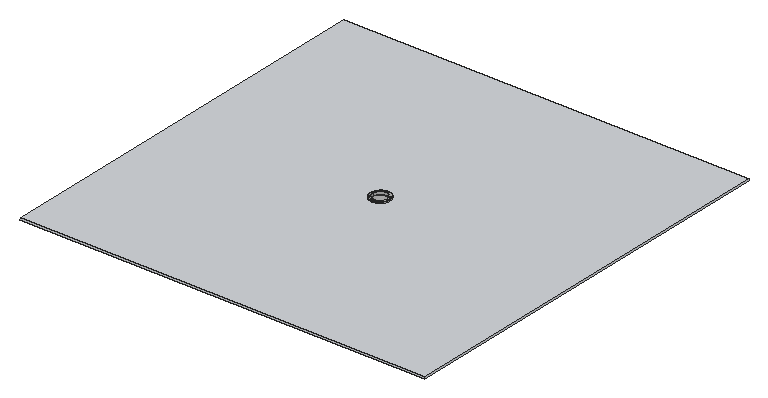
Revit family "LTR-3RD", category Lighting Fixtures, host Face, Revit 2021
Family settings
  Host = Face
  Round Connector Dimension = Use Diameter
  Part Type = Normal
  OmniClass Number = 23.80.70.11.14.11
  OmniClass Title = Downlights
  Cut with Voids When Loaded = No
  Light Source = Yes
  Shared = Yes
  Room Calculation Point = No
Parameters (values of type "Liteistry-3")
  Wattage Comments = "13.4, 17.8 & 22.2"  # constant formula
  Wattage = 22.2 W
  Warranty = "5Years limited warranty"
  built-in parameter 1150110 = 1 (stored number, unit not read)
  Voltage = 120 V
  URL = "https://www.currentlighting.com/prescolite"
  built-in parameter 1114217 = 1 (stored number, unit not read)
  Tilt Angle = -90.00°
  built-in parameter 1150109 = 1 (stored number, unit not read)
  built-in parameter 1150134 = 12
  built-in parameter 1150113 = 1 (stored number, unit not read)
  Product Page URL = ""
  Product Documentation Link = ""
  Power Factor = 1
  Photometric Web Link = ""
  Photometric Web File = "LTR-3RD-H-ML20L-DM1 LTR-3RD-T-ML35K8MDS.ies"
  Photometric Notes = "More IES files download on Photometric Web Link"  # constant formula
  Model = "LTR-3RD"  # constant formula
  Manufacturer = "Prescolite"  # constant formula
  built-in parameter 1150105 = 143.24 (stored number, unit not read)
  Lumens = 1799.98 lm
  built-in parameter 1150115 = 1 (stored number, unit not read)
  Load Classification = Lighting
  built-in parameter 1150137 = (empty or 0)
  built-in parameter 1150139 = (empty or 0)
  built-in parameter 1150112 = 1 (stored number, unit not read)
  built-in parameter 1150114 = 1 (stored number, unit not read)
  Lamp = "LED"  # constant formula
  built-in parameter 1150132 = (empty or 0)
  built-in parameter 1150102 = (empty or 0)
  built-in parameter 1150107 = 4000 (stored number, unit not read)
  built-in parameter 1150138 = (empty or 0)
  built-in parameter 1150106 = 1.4324 (stored number, unit not read)
  Glass = White Glass
  Features = "3inch architectural LED downlight delivering 600–2000 lm\r\n• Four beam distributions from 0.4 to 1.1 Spacing Criteria\r\n• Quiet reflector appearance with 50º optical cutoff\r\n• 2700K–5000K, 80+ and 90+ CRI options\r\n• Available for New Construction (non-IC), Remodel (non-IC), IC\r\nand Chicago Plenum applications\r\n• Variety of dimming protocol options including 0-10V, DALI, DMX,\r\nLutron Forward Phase and EcoSystem\r\n• NX Distributed Intelligence™ wired and wireless controls\r\ncapability available"  # constant formula
  Emit from Circle Diameter = 3.00"  # constant formula
  Emit Shape Visible in Rendering = no
  built-in parameter 1150104 = 7.5326 (stored number, unit not read)
  Dimming Lamp Color Temperature Shift = <None>
  Description = "3in LED Downlight"  # constant formula
  Default Elevation = 48.00"
  Create date = "07/15/2019"  # constant formula
  Contact us = ""
  Color Filter = 16777215
  built-in parameter 1114218 = 1 (stored number, unit not read)
  Hardware Finish = Steel
  built-in parameter 1150133 = 10 (stored number, unit not read)
  Assembly Code = "D5020200"
  Apparent Load = 0 VA
Reference planes (in)
  plane 1 "Center (Front/Back)": y = 0.03999
  plane 2: z = 0
  plane 3 "Center (Left/Right)": x = -8.24832
  plane 4: x = -13.24832
  plane 5: x = 1.12668
  plane 6: y = 5.91499
  plane 7: y = -5.83501
  plane 8: z = -0.125
  plane 9: z = -3
  plane 10: z = -3.125
  plane 11: z = 0.375
  plane 12: z = 0.4375
  plane 13: x = -10.87332
  plane 14: x = -10.24832
  plane 15: x = -10.17454
  plane 16: x = -6.42646
  plane 17: x = -2.9049
  plane 18: x = -0.9049
  plane 19: y = 2.57276
  plane 20: y = -2.49278
  plane 21: through (-11.23409, -180, 3.23335) normal (0.9773, 0, 0.2119)
  plane 22: through (-10.98801, -180, 3.28671) normal (0.9773, 0, 0.2119)
  plane 23: y = 1.91499
  plane 24: y = -1.83501
  plane 25: z = 0.5625
  plane 26: z = -4.8175
Forms (in)
  Extrusion 1, solid
    sketch origin (-7.24832, 0, -2.58562) x (1, 0, 0) y (0, 1, 0)
      loop
        line (-48, 48) -> (-48, -48) -> (48, -48) -> (48, 48) -> (-48, 48)
    from 2.96062 to 2.58562
  Extrusion 2, void
    sketch origin (0, 0, 0) x (1, 0, 0) y (0, 1, 0)
      loop
        circle (-8.24832, 0.03999) r 2.125
    from 0.4375 to -0.125
  Extrusion 3, solid, material "Steel" <- "Hardware Finish", detail levels medium+fine
    sketch origin (0, 0, 0) x (1, 0, 0) y (0, 1, 0)
      loop
        line (-13.24832, 5.91499) -> (-13.24832, -5.83501) -> (1.12668, -5.83501) -> (1.12668, 5.91499) -> (-13.24832, 5.91499)
    from 0 to -0.125
  Revolve 4, solid, material "Steel" <- "Hardware Finish", detail levels medium+fine
    sketch origin (0, 0.03999, 0) x (1, 0, 0) y (0, 0, 1)
      loop
        line (-10.24832, -0.125) -> (-10.50598, -0.125) -> (-10.07914, -2.09375) -> (-9.82149, -2.09375) -> (-10.24832, -0.125)
      axis (-8.24832, -0.125) -> (-8.24832, -2.09375)
    angle from 0 to 360
  Revolve 5, solid, material "Steel" <- "Hardware Finish"
    sketch origin (0, 0.03999, 0) x (1, 0, 0) y (0, 0, 1)
      loop
        line (-9.74832, -0.125) -> (-9.74832, 0.4375) -> (-10.62332, 0.4375) -> (-10.62332, 0.375) -> (-10.24832, 0.375) -> (-10.24832, -0.125) -> (-9.74832, -0.125)
      axis (-8.24832, 0.4375) -> (-8.24832, -0.125)
    angle from 0 to 360
  Revolve 6, void
    sketch origin (0, 0.03999, 0) x (1, 0, 0) y (0, 0, 1)
      loop
        line (-9.93582, 0.8125) -> (-9.93582, 0) -> (-10.03716, 0) -> (-10.03716, -0.125) -> (-9.93582, -0.125) -> (-9.93582, -0.72216) -> (-9.46139, -3) -> (-8.24832, -3) -> (-8.24832, 0.8125) -> (-9.93582, 0.8125)
      axis (-8.24832, 0.8125) -> (-8.24832, -3)
    angle from 0 to 360
  Extrusion 7, solid, material "Steel" <- "Hardware Finish", detail levels medium+fine
    sketch origin (0, 0, 0) x (1, 0, 0) y (0, 1, 0)
      loop
        line (-2.9049, 2.57276) -> (-2.9049, -2.49278) -> (-0.9049, -2.49278) -> (-0.9049, 2.57276) -> (-2.9049, 2.57276)
    from -3.125 to 0
  Revolve 8, solid, material "Steel" <- "Hardware Finish", detail levels medium+fine
    sketch origin (0, 0.03999, 0) x (1, 0, 0) y (0, 0, 1)
      loop
        line (-10.34966, 0) -> (-10.34966, -0.125) -> (-10.24832, -0.125) -> (-10.24832, 0) -> (-10.34966, 0)
      axis (-8.24832, 0) -> (-8.24832, -0.125)
    angle from 0 to 360
  Extrusion 9, solid, material "White Glass" <- "Glass"
    sketch origin (-16.83938, -180, -3.125) x (-1, 0, 0) y (0, -1, 0)
      loop
        circle (-8.59106, -180.03999) r 2
    from 3 to 3.125
  Extrusion 10, solid, material "Steel" <- "Hardware Finish"
    sketch origin (-16.83938, -180, -3.125) x (-1, 0, 0) y (0, -1, 0)
      loop
        arc (-8.70908, -181.77339) -> (-8.53597, -181.78005) -> (-8.36304, -181.76953) r 1.74754
        line (-8.36304, -181.76953) -> (-8.36304, -181.67723) -> (-8.49788, -181.67723) -> (-8.49788, -181.55918) -> (-8.59106, -181.55918) -> (-8.59106, -181.67723) -> (-8.70908, -181.67723) -> (-8.70908, -181.77339)
      loop
        arc (-9.17317, -181.68651) -> (-8.99815, -181.73827) -> (-8.81868, -181.77148) r 1.74639
        line (-8.81868, -181.77148) -> (-8.79431, -181.68053) -> (-8.9248, -181.64556) -> (-8.89425, -181.53153) -> (-8.98425, -181.50742) -> (-9.0148, -181.62145) -> (-9.14629, -181.58621) -> (-9.17317, -181.68651)
      loop
        arc (-9.67441, -181.40975) -> (-9.52553, -181.51533) -> (-9.36646, -181.6048) r 1.74639
        line (-9.36646, -181.6048) -> (-9.31398, -181.52662) -> (-9.42615, -181.45133) -> (-9.36036, -181.35331) -> (-9.43772, -181.30138) -> (-9.50351, -181.3994) -> (-9.61654, -181.32353) -> (-9.67441, -181.40975)
      loop
        arc (-9.99201, -181.08268) -> (-9.87554, -181.2232) -> (-9.74504, -181.35079) r 1.74639
        line (-9.74504, -181.35079) -> (-9.67411, -181.28885) -> (-9.76297, -181.1871) -> (-9.67405, -181.10945) -> (-9.73534, -181.03927) -> (-9.82426, -181.11692) -> (-9.9138, -181.01438) -> (-9.99201, -181.08268)
      loop
        arc (-10.24565, -180.59873) -> (-10.1783, -180.76836) -> (-10.09362, -180.93004) r 1.74639
        line (-10.09362, -180.93004) -> (-10.00702, -180.89305) -> (-10.06009, -180.76881) -> (-9.95153, -180.72244) -> (-9.98813, -180.63675) -> (-10.09669, -180.68313) -> (-10.15016, -180.55794) -> (-10.24565, -180.59873)
      loop
        arc (-10.33389, -180.15145) -> (-10.31274, -180.33273) -> (-10.27278, -180.51082) r 1.74639
        line (-10.27278, -180.51082) -> (-10.17956, -180.4975) -> (-10.19867, -180.36376) -> (-10.0818, -180.34707) -> (-10.09498, -180.25483) -> (-10.21184, -180.27153) -> (-10.23109, -180.13677) -> (-10.33389, -180.15145)
      loop
        line (-7.92357, -181.65379) -> (-7.95566, -181.55504) -> (-8.08512, -181.5971) -> (-8.1216, -181.48483) -> (-8.21021, -181.51362) -> (-8.17373, -181.62589) -> (-8.30222, -181.66764) -> (-8.27312, -181.7572)
        arc (-8.27312, -181.7572) -> (-8.09564, -181.71464) -> (-7.92357, -181.65379) r 1.74639
      loop
        line (-7.5077, -181.40975) -> (-7.56557, -181.32353) -> (-7.6786, -181.3994) -> (-7.74439, -181.30138) -> (-7.82176, -181.35331) -> (-7.75596, -181.45133) -> (-7.86813, -181.52662) -> (-7.81565, -181.6048)
        arc (-7.81565, -181.6048) -> (-7.65658, -181.51533) -> (-7.5077, -181.40975) r 1.74639
      loop
        line (-7.1901, -181.08268) -> (-7.26831, -181.01438) -> (-7.35785, -181.11692) -> (-7.44677, -181.03927) -> (-7.50806, -181.10945) -> (-7.41914, -181.1871) -> (-7.508, -181.28885) -> (-7.43707, -181.35079)
        arc (-7.43707, -181.35079) -> (-7.30657, -181.2232) -> (-7.1901, -181.08268) r 1.74639
      loop
        line (-6.93646, -180.59873) -> (-7.03195, -180.55794) -> (-7.08542, -180.68313) -> (-7.19398, -180.63675) -> (-7.23058, -180.72244) -> (-7.12202, -180.76881) -> (-7.17509, -180.89305) -> (-7.08849, -180.93004)
        arc (-7.08849, -180.93004) -> (-7.00381, -180.76836) -> (-6.93646, -180.59873) r 1.74639
      loop
        line (-6.84822, -180.15145) -> (-6.95102, -180.13677) -> (-6.97027, -180.27153) -> (-7.08713, -180.25483) -> (-7.10031, -180.34707) -> (-6.98344, -180.36376) -> (-7.00255, -180.4975) -> (-6.90933, -180.51082)
        arc (-6.90933, -180.51082) -> (-6.86937, -180.33273) -> (-6.84822, -180.15145) r 1.74639
      loop
        line (-8.70908, -178.30659) -> (-8.70908, -178.40275) -> (-8.59106, -178.40275) -> (-8.59106, -178.5208) -> (-8.49788, -178.5208) -> (-8.49788, -178.40275) -> (-8.36304, -178.40275) -> (-8.36304, -178.31045)
        arc (-8.36304, -178.31045) -> (-8.53597, -178.29993) -> (-8.70908, -178.30659) r 1.74754
      loop
        line (-9.17317, -178.39347) -> (-9.14629, -178.49377) -> (-9.0148, -178.45854) -> (-8.98425, -178.57257) -> (-8.89425, -178.54845) -> (-8.9248, -178.43442) -> (-8.79431, -178.39946) -> (-8.81868, -178.3085)
        arc (-8.81868, -178.3085) -> (-8.99815, -178.34171) -> (-9.17317, -178.39347) r 1.74639
      loop
        line (-9.67441, -178.67023) -> (-9.61654, -178.75645) -> (-9.50351, -178.68058) -> (-9.43772, -178.7786) -> (-9.36036, -178.72668) -> (-9.42615, -178.62866) -> (-9.31398, -178.55337) -> (-9.36646, -178.47518)
        arc (-9.36646, -178.47518) -> (-9.52553, -178.56465) -> (-9.67441, -178.67023) r 1.74639
      loop
        line (-9.99201, -178.9973) -> (-9.9138, -179.0656) -> (-9.82426, -178.96307) -> (-9.73534, -179.04072) -> (-9.67405, -178.97054) -> (-9.76297, -178.89288) -> (-9.67411, -178.79113) -> (-9.74504, -178.72919)
        arc (-9.74504, -178.72919) -> (-9.87554, -178.85678) -> (-9.99201, -178.9973) r 1.74639
      loop
        line (-10.24565, -179.48125) -> (-10.15016, -179.52204) -> (-10.09669, -179.39686) -> (-9.98813, -179.44323) -> (-9.95153, -179.35754) -> (-10.06009, -179.31117) -> (-10.00702, -179.18693) -> (-10.09362, -179.14994)
        arc (-10.09362, -179.14994) -> (-10.1783, -179.31162) -> (-10.24565, -179.48125) r 1.74639
      loop
        line (-10.33389, -179.92853) -> (-10.23109, -179.94321) -> (-10.21184, -179.80846) -> (-10.09498, -179.82515) -> (-10.0818, -179.73291) -> (-10.19867, -179.71622) -> (-10.17956, -179.58248) -> (-10.27278, -179.56916)
        arc (-10.27278, -179.56916) -> (-10.31274, -179.74725) -> (-10.33389, -179.92853) r 1.74639
      loop
        arc (-7.92357, -178.42619) -> (-8.09564, -178.36534) -> (-8.27312, -178.32278) r 1.74639
        line (-8.27312, -178.32278) -> (-8.30222, -178.41234) -> (-8.17373, -178.45409) -> (-8.21021, -178.56636) -> (-8.1216, -178.59516) -> (-8.08512, -178.48288) -> (-7.95566, -178.52495) -> (-7.92357, -178.42619)
      loop
        arc (-7.5077, -178.67023) -> (-7.65658, -178.56465) -> (-7.81565, -178.47518) r 1.74639
        line (-7.81565, -178.47518) -> (-7.86813, -178.55337) -> (-7.75596, -178.62866) -> (-7.82176, -178.72668) -> (-7.74439, -178.7786) -> (-7.6786, -178.68058) -> (-7.56557, -178.75645) -> (-7.5077, -178.67023)
      loop
        arc (-7.1901, -178.9973) -> (-7.30657, -178.85678) -> (-7.43707, -178.72919) r 1.74639
        line (-7.43707, -178.72919) -> (-7.508, -178.79113) -> (-7.41914, -178.89288) -> (-7.50806, -178.97054) -> (-7.44677, -179.04072) -> (-7.35785, -178.96307) -> (-7.26831, -179.0656) -> (-7.1901, -178.9973)
      loop
        arc (-6.93646, -179.48125) -> (-7.00381, -179.31162) -> (-7.08849, -179.14994) r 1.74639
        line (-7.08849, -179.14994) -> (-7.17509, -179.18693) -> (-7.12202, -179.31117) -> (-7.23058, -179.35754) -> (-7.19398, -179.44323) -> (-7.08542, -179.39686) -> (-7.03195, -179.52204) -> (-6.93646, -179.48125)
      loop
        arc (-6.84822, -179.92853) -> (-6.86937, -179.74725) -> (-6.90933, -179.56916) r 1.74639
        line (-6.90933, -179.56916) -> (-7.00255, -179.58248) -> (-6.98344, -179.71622) -> (-7.10031, -179.73291) -> (-7.08713, -179.82515) -> (-6.97027, -179.80846) -> (-6.95102, -179.94321) -> (-6.84822, -179.92853)
    from 1.04065 to -1.6925
  Extrusion 11, solid
    sketch origin (-16.83938, -180, -3.125) x (-1, 0, 0) y (0, -1, 0)
      loop
        circle (-8.59106, -180.03999) r 1.51919
    from 1.03125 to -1.6925
  Sweep 12, solid, material "Steel" <- "Hardware Finish"
    path in 3D
      loop
        line (-1.88573, 2.57276, -2.77177) -> (-1.88573, 3.09861, -2.77177)
        arc (-1.88573, 3.09861, -2.77177) -> (-2.1054, 3.62894, -2.77177) -> (-2.63573, 3.84861, -2.77177) r 0.75
        line (-2.63573, 3.84861, -2.77177) -> (-5.9803, 3.84861, -2.77177) -> (-6.699, 3.84861, -2.77177)
        arc (-6.699, 3.84861, -2.77177) -> (-7.31481, 3.59353, -2.77177) -> (-7.56988, 2.97772, -2.77177) r 0.87089
        line (-7.56988, 2.97772, -2.77177) -> (-7.56988, 1.66951, -2.77177)
    profile origin (-2.1054, 3.62894, -2.77177) x (-0.707107, -0.707107, 0) y (0, 0, 1)
      loop
        circle (0, 0) r 0.09795
  Extrusion 13, solid, material "Steel" <- "Hardware Finish"
    sketch origin (0, 0.03999, 0) x (1, 0, 0) y (0, 0, 1)
      loop
        line (-8.24832, -0.125) -> (-10.37143, -0.125) -> (-12.11845, -1.30298)
        arc (-12.11845, -1.30298) -> (-12.04626, -1.48163) -> (-11.86847, -1.55587) r 0.25
        line (-11.86847, -1.55587) -> (-11.27597, -1.55587) -> (-10.37143, -1.01237) -> (-8.24832, -1.01237) -> (-8.24832, -0.125)
    from 2.12755 to 2.27227
  Extrusion 14, solid, material "Steel" <- "Hardware Finish"
    sketch origin (-16.49665, 0.03999, 0) x (-1, 0, 0) y (0, 0, 1)
      loop
        line (-8.24832, -0.125) -> (-10.37143, -0.125) -> (-12.11845, -1.30298)
        arc (-12.11845, -1.30298) -> (-12.04626, -1.48163) -> (-11.86847, -1.55587) r 0.25
        line (-11.86847, -1.55587) -> (-11.27597, -1.55587) -> (-10.37143, -1.01237) -> (-8.24832, -1.01237) -> (-8.24832, -0.125)
    from 2.12755 to 2.27227
Cuts and joins
  Revolve 6 cuts Extrusion 3
  joined: Extrusion 3, Extrusion 7
  joined: Revolve 4, Revolve 8
  Revolve 6 cuts Revolve 5
Lines and regions (in)
  symbolic lines
    curve 1: line (-13.24832, 5.91499, -3.125) -> (1.12668, 5.91499, -3.125)
    curve 2: line (-13.24832, -5.83501, -3.125) -> (-13.24832, 5.91499, -3.125)
    curve 3: line (1.12668, -5.83501, -3.125) -> (-13.24832, -5.83501, -3.125)
    curve 4: line (1.12668, 5.91499, -3.125) -> (1.12668, -5.83501, -3.125)
    curve 5: circle (-8.24832, 0.03999, -3.125) r 2.625 normal (0, 0, 1)
    curve 6: circle (-8.24832, 0.03999, -3.125) r 2 normal (0, 0, 1)
  sketch lines
    curve 7: arc (-1.88573, 3.09861, -2.77177) -> (-2.1054, 3.62894, -2.77177) -> (-2.63573, 3.84861, -2.77177) r 0.75
    curve 8: line (-1.88573, 3.09861, -2.77177) -> (-1.88573, 2.57276, -2.77177)
    curve 9: line (-5.9803, 3.84861, -2.77177) -> (-2.63573, 3.84861, -2.77177)
    curve 10: line (-5.9803, 3.84861, -2.77177) -> (-6.699, 3.84861, -2.77177)
    curve 11: arc (-6.699, 3.84861, -2.77177) -> (-7.31481, 3.59353, -2.77177) -> (-7.56988, 2.97772, -2.77177) r 0.87089
    curve 12: line (-7.56988, 2.97772, -2.77177) -> (-7.56988, 1.66951, -2.77177)
Dimensions and locks (in)
  equal spacing: plane 7, plane 1 "Center (Front/Back)", plane 6, locked at 5.875 each
  locked: plane 6 to plane 7 at 11.75
  locked: plane 4 to plane 5 at 14.375
  locked: plane 4 to plane 3 "Center (Left/Right)" at 5
  locked: Extrusion 1 to plane 8 at 0.5
  locked: Revolve 4 sketch curve to Revolve 4 sketch curve at 2
  locked: plane 11 to plane 2 at 0.375
  locked: plane 12 to plane 11 at 0.0625
  locked: plane 3 "Center (Left/Right)" to plane 13 at 2.625
  locked: plane 3 "Center (Left/Right)" to plane 14 at 2
  locked: plane 2 to plane 8 at 0.125
  locked: plane 17 to plane 18 at 2
  equal spacing: plane 19, plane 1 "Center (Front/Back)", plane 20, locked at 2.53277 each
  locked: plane 9 to plane 10 at 0.125
  locked: plane 11 to plane 10 at 3.5
  equal spacing: plane 23, plane 1 "Center (Front/Back)", plane 24, locked at 1.875 each
  aligned and locked: Extrusion 3 sketch curve to plane 6
  aligned and locked: plane 4 to Extrusion 3 sketch curve
  aligned and locked: Extrusion 3 sketch curve to plane 7
  aligned and locked: Extrusion 3 sketch curve to plane 5
  aligned and locked: Extrusion 3 to plane 8
  aligned and locked: Revolve 4 sketch curve to plane 3 "Center (Left/Right)"
  aligned and locked: Revolve 5 sketch curve to plane 3 "Center (Left/Right)"
  aligned and locked: Revolve 6 sketch curve to plane 3 "Center (Left/Right)"
  aligned and locked: level to Extrusion 7
  aligned and locked: Revolve 5 sketch curve to plane 11
  aligned and locked: plane 8 to Revolve 5 sketch curve
  aligned and locked: Revolve 5 sketch curve to plane 12
  aligned and locked: Extrusion 7 to plane 10
  aligned and locked: plane 18 to cut or joined group of Extrusion 3, Revolve 6, Extrusion 7
  aligned and locked: plane 17 to cut or joined group of Extrusion 3, Revolve 6, Extrusion 7
  aligned and locked: plane 20 to cut or joined group of Extrusion 3, Revolve 6, Extrusion 7
  aligned and locked: plane 19 to cut or joined group of Extrusion 3, Revolve 6, Extrusion 7
  aligned and locked: plane 21 to Revolve 4 sketch curve
  aligned and locked: plane 22 to Revolve 4 sketch curve
  aligned and locked: Extrusion 9 to plane 8
  aligned and locked: plane 2 to Extrusion 9
  aligned and locked: Extrusion 1 to plane 2
  aligned and locked: curve 1 to cut or joined group of Extrusion 3, Revolve 6, Extrusion 7
  aligned and locked: curve 2 to cut or joined group of Extrusion 3, Revolve 6, Extrusion 7
  aligned and locked: curve 3 to cut or joined group of Extrusion 3, Revolve 6, Extrusion 7
  aligned and locked: curve 4 to cut or joined group of Extrusion 3, Revolve 6, Extrusion 7
  aligned and locked: Extrusion 2 to plane 8
  aligned and locked: imposter light to plane 25
Automatic sketch dimensions
  Extrusion 1 sketch curve to Extrusion 1 sketch curve = 96.00"  (x2)
  plane 1 "Center (Front/Back)" to Extrusion 2 sketch curve = 0.00"
  Extrusion 2 sketch curve to plane 3 "Center (Left/Right)" = 0.00"
  plane 15 to Revolve 4 sketch curve = 0.0954"
  Revolve 4 sketch curve to plane 26 = 0.31746"
  plane 25 to Revolve 4 sketch curve = 1.81246"
  plane 13 to Revolve 5 sketch curve = 0.25"
  Revolve 5 sketch curve to plane 14 = 0.00"
  plane 9 to Revolve 5 sketch curve = 0.59192"
  plane 25 to Revolve 5 sketch curve = 2.10402"
  Revolve 6 sketch curve to plane 8 = 0.00"
  Revolve 6 sketch curve to level = 0.00"
  Revolve 6 sketch curve to plane 9 = 0.00"
  Revolve 6 sketch curve to plane 3 "Center (Left/Right)" = 0.00"
  plane 15 to Revolve 6 sketch curve = 0.71314"
  plane 15 to Revolve 6 sketch curve = 0.23871"  (x2)
  Revolve 6 sketch curve to Revolve 6 sketch curve = 0.10133"
  Revolve 6 sketch curve to plane 8 = 0.59716"
  plane 25 to Revolve 6 sketch curve = 0.25"
  Revolve 6 sketch curve to Revolve 6 sketch curve = 0.60785"
  Revolve 6 sketch curve to Revolve 6 sketch curve = 1.41768"
  Extrusion 7 sketch curve to plane 17 = 0.00"
  Extrusion 7 sketch curve to plane 18 = 0.00"
  plane 20 to Extrusion 7 sketch curve = 0.00"
  Extrusion 7 sketch curve to plane 19 = 0.00"
  Revolve 8 sketch curve to plane 8 = 0.00"
  Revolve 8 sketch curve to level = 0.00"
  Revolve 8 sketch curve to plane 3 "Center (Left/Right)" = 0.00"
  Revolve 8 sketch curve to plane 15 = 0.07379"
  Revolve 8 sketch curve to Revolve 8 sketch curve = 0.10133"
  Revolve 8 sketch curve to plane 8 = 0.33144"
  level to Revolve 8 sketch curve = 0.12368"
  plane 1 "Center (Front/Back)" to Extrusion 9 sketch curve = 0.00"
  Extrusion 9 sketch curve to plane 3 "Center (Left/Right)" = 0.00"
  curve 5 to curve 6 = 0.00"  (x2)
  plane 1 "Center (Front/Back)" to curve 6 = 0.00"
  curve 6 to plane 3 "Center (Left/Right)" = 0.00"
  Extrusion 10 sketch curve to Extrusion 10 sketch curve = 0.00"  (x383)
  plane 1 "Center (Front/Back)" to Extrusion 10 sketch curve = 0.00"
  Extrusion 10 sketch curve to plane 3 "Center (Left/Right)" = 0.00"  (x3)
  Extrusion 10 sketch curve to Extrusion 10 sketch curve = 0.11803"  (x2)
  Extrusion 10 sketch curve to Extrusion 10 sketch curve = 0.08523"  (x2)
  Extrusion 10 sketch curve to plane 24 = 0.14351"
  Extrusion 10 sketch curve to Extrusion 10 sketch curve = 0.02437"  (x2)
  Extrusion 10 sketch curve to plane 23 = 0.14351"
  Extrusion 10 sketch curve to Extrusion 10 sketch curve = 0.09994"  (x2)
  Extrusion 10 sketch curve to Extrusion 10 sketch curve = 0.03055"  (x2)
  Extrusion 10 sketch curve to Extrusion 10 sketch curve = 0.09"  (x4)
  Extrusion 10 sketch curve to plane 24 = 0.29355"
  Extrusion 10 sketch curve to plane 23 = 0.29355"
  Extrusion 10 sketch curve to plane 24 = 0.32878"
  Extrusion 10 sketch curve to plane 23 = 0.32878"
  Extrusion 10 sketch curve to Extrusion 10 sketch curve = 0.16769"  (x2)
  Extrusion 10 sketch curve to Extrusion 10 sketch curve = 0.04638"  (x4)
  Extrusion 10 sketch curve to plane 24 = 0.31019"  (x2)
  Extrusion 10 sketch curve to Extrusion 10 sketch curve = 0.05248"  (x4)
  Extrusion 10 sketch curve to plane 23 = 0.31019"  (x2)
  Extrusion 10 sketch curve to plane 24 = 0.46367"  (x2)
  Extrusion 10 sketch curve to Extrusion 10 sketch curve = 0.06579"  (x4)
  Extrusion 10 sketch curve to plane 23 = 0.46367"  (x2)
  Extrusion 10 sketch curve to plane 23 = 0.61361"  (x2)
  Extrusion 10 sketch curve to plane 24 = 0.61361"  (x2)
  Extrusion 10 sketch curve to plane 23 = 0.51559"  (x2)
  Extrusion 10 sketch curve to plane 24 = 0.51559"  (x2)
  Extrusion 10 sketch curve to plane 24 = 0.59146"  (x2)
  Extrusion 10 sketch curve to plane 23 = 0.59146"  (x2)
  Extrusion 10 sketch curve to Extrusion 10 sketch curve = 0.05752"  (x4)
  Extrusion 10 sketch curve to Extrusion 10 sketch curve = 0.05757"  (x4)
  Extrusion 10 sketch curve to Extrusion 10 sketch curve = 0.06129"  (x8)
  Extrusion 10 sketch curve to Extrusion 10 sketch curve = 0.07063"  (x4)
  Extrusion 10 sketch curve to Extrusion 10 sketch curve = 0.08892"  (x4)
  Extrusion 10 sketch curve to Extrusion 10 sketch curve = 0.08954"  (x4)
  Extrusion 10 sketch curve to Extrusion 10 sketch curve = 0.03773"  (x4)
  Extrusion 10 sketch curve to Extrusion 10 sketch curve = 0.0366"  (x8)
  Extrusion 10 sketch curve to Extrusion 10 sketch curve = 0.07821"  (x4)
  Extrusion 10 sketch curve to Extrusion 10 sketch curve = 0.09322"  (x4)
  Extrusion 10 sketch curve to Extrusion 10 sketch curve = 0.10856"  (x4)
  Extrusion 10 sketch curve to Extrusion 10 sketch curve = 0.09367"  (x4)
  Extrusion 10 sketch curve to Extrusion 10 sketch curve = 0.0866"  (x4)
  plane 1 "Center (Front/Back)" to Extrusion 10 sketch curve = 0.21484"  (x2)
  Extrusion 10 sketch curve to Extrusion 10 sketch curve = 0.01318"  (x6)
  Extrusion 10 sketch curve to plane 1 "Center (Front/Back)" = 0.21484"  (x2)
  Extrusion 10 sketch curve to Extrusion 10 sketch curve = 0.05347"  (x4)
  Extrusion 10 sketch curve to Extrusion 10 sketch curve = 0.0294"  (x4)
  Extrusion 10 sketch curve to Extrusion 10 sketch curve = 0.11687"  (x2)
  Extrusion 10 sketch curve to plane 1 "Center (Front/Back)" = 0.09678"  (x2)
  Extrusion 10 sketch curve to Extrusion 10 sketch curve = 0.01925"  (x2)
  plane 1 "Center (Front/Back)" to Extrusion 10 sketch curve = 0.09678"  (x2)
  Extrusion 10 sketch curve to Extrusion 10 sketch curve = 0.09549"  (x4)
  Extrusion 10 sketch curve to Extrusion 10 sketch curve = 0.02713"  (x4)
  plane 1 "Center (Front/Back)" to Extrusion 10 sketch curve = 0.00737"
  Extrusion 10 sketch curve to plane 3 "Center (Left/Right)" = 0.03559"
  Extrusion 10 sketch curve to plane 1 "Center (Front/Back)" = 0.00737"
  Extrusion 10 sketch curve to plane 3 "Center (Left/Right)" = 0.09318"  (x2)
  Extrusion 10 sketch curve to Extrusion 10 sketch curve = 0.13484"  (x2)
  Extrusion 10 sketch curve to Extrusion 10 sketch curve = 0.06082"  (x2)
  Extrusion 10 sketch curve to plane 24 = 0.15779"
  Extrusion 10 sketch curve to Extrusion 10 sketch curve = 0.08992"  (x2)
  Extrusion 10 sketch curve to plane 23 = 0.15779"
  Extrusion 10 sketch curve to Extrusion 10 sketch curve = 0.092"  (x2)
  Extrusion 10 sketch curve to Extrusion 10 sketch curve = 0.03648"  (x2)
  Extrusion 10 sketch curve to Extrusion 10 sketch curve = 0.08861"  (x4)
  Extrusion 10 sketch curve to plane 24 = 0.31789"
  Extrusion 10 sketch curve to plane 23 = 0.31789"
  Extrusion 10 sketch curve to plane 23 = 0.35996"
  Extrusion 10 sketch curve to plane 24 = 0.35996"
  Extrusion 10 sketch curve to Extrusion 10 sketch curve = 0.08752"  (x2)
  Extrusion 10 sketch curve to plane 1 "Center (Front/Back)" = 0.30708"
  plane 1 "Center (Front/Back)" to Extrusion 10 sketch curve = 0.30708"
  Extrusion 10 sketch curve to plane 1 "Center (Front/Back)" = 0.32377"
  plane 1 "Center (Front/Back)" to Extrusion 10 sketch curve = 0.32377"
  Extrusion 10 sketch curve to plane 1 "Center (Front/Back)" = 0.23153"
  plane 1 "Center (Front/Back)" to Extrusion 10 sketch curve = 0.23153"
  Extrusion 10 sketch curve to Extrusion 10 sketch curve = 0.00191"
  Extrusion 10 sketch curve to Extrusion 10 sketch curve = 0.09616"
  Extrusion 10 sketch curve to Extrusion 10 sketch curve = 0.11805"  (x2)
  Extrusion 10 sketch curve to Extrusion 10 sketch curve = 0.05895"  (x2)
  Extrusion 10 sketch curve to Extrusion 10 sketch curve = 0.15265"  (x2)
  Extrusion 10 sketch curve to Extrusion 10 sketch curve = 0.06044"  (x2)
  Extrusion 10 sketch curve to Extrusion 10 sketch curve = 0.12134"  (x3)
  Extrusion 10 sketch curve to Extrusion 10 sketch curve = 0.01233"
  plane 1 "Center (Front/Back)" to Extrusion 11 sketch curve = 0.00"
  Extrusion 11 sketch curve to plane 3 "Center (Left/Right)" = 0.00"
  Sweep 12 sketch curve to profile plane = 0.00"
  profile plane to Sweep 12 sketch curve = 0.00"
  Extrusion 14 sketch curve to plane 8 = 0.00"
  Extrusion 14 sketch curve to plane 3 "Center (Left/Right)" = 0.00"
  plane 16 to Extrusion 14 sketch curve = 0.30123"  (x2)
  Extrusion 14 sketch curve to Extrusion 14 sketch curve = 0.90454"
  Extrusion 14 sketch curve to Extrusion 14 sketch curve = 0.5925"
  Extrusion 14 sketch curve to plane 8 = 1.43087"
  Extrusion 14 sketch curve to Extrusion 14 sketch curve = 0.25"
  Extrusion 14 sketch curve to plane 8 = 0.88737"
  Extrusion 14 sketch curve to plane 8 = 1.17798"
  Extrusion 13 sketch curve to plane 8 = 0.00"
  Extrusion 13 sketch curve to plane 3 "Center (Left/Right)" = 0.00"
  Extrusion 13 sketch curve to plane 15 = 0.19689"  (x2)
  Extrusion 13 sketch curve to Extrusion 13 sketch curve = 0.90454"
  Extrusion 13 sketch curve to Extrusion 13 sketch curve = 0.5925"
  Extrusion 13 sketch curve to plane 8 = 0.88737"
  Extrusion 13 sketch curve to plane 8 = 1.18087"
  Extrusion 13 sketch curve to Extrusion 13 sketch curve = 0.25"
  Extrusion 13 sketch curve to Extrusion 13 sketch curve = 0.24998"
  plane 15 to Revolve 5 sketch curve = 0.42621"
  radius of Extrusion 2 sketch curve = 2.125"
  radius of Extrusion 9 sketch curve = 2.00"
  radius of curve 5 = 2.625"
  radius of curve 6 = 2.00"
  radius of Extrusion 11 sketch curve = 1.51919"
  radius of Sweep 12 sketch curve = 0.09795"
Connectors (in)
  electrical at (-8.3005, 0.03999, -3.125), driven by "Description", driven by "Load Classification", driven by "Voltage", driven by "Apparent Load", driven by "Power Factor"
    settings: on cut or joined group of Extrusion 3, Revolve 6, Extrusion 7, index 1, voltage 120 V, apparent load 0 VA, apparent load phase1 0 VA, apparent load phase2 0 VA, apparent load phase3 0 VA, power factor 1, load classification "Lighting", number of poles 1, system type 30, power factor state 1, is connector primary yes, connector utility no, sub classification motor no, connector description "3in LED Downlight"
